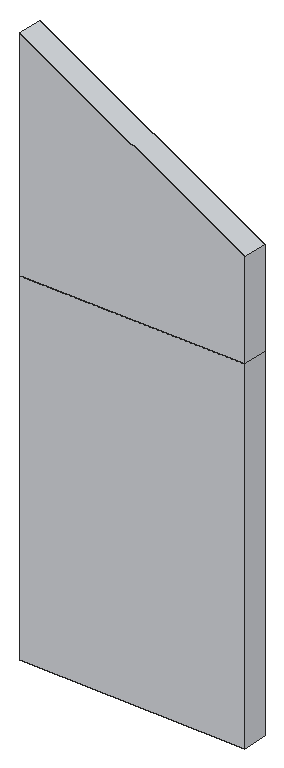
Revit family "EXP_WT-1C_CPan-015", category Curtain Panels, Revit 2021
Family settings
  OmniClass Number = 23.25.20.14.11.11.17
  OmniClass Title = Infill Panels
  Always vertical = Yes
  Cut with Voids When Loaded = No
  Shared = No
Parameters
  UI-UnitNumber [instance] = "001"
  UI-Quadrant [instance] = "SE"
  UI-ProjectAbbreviation = "NEU"
  UI-ItemCategory = "PID"
  UI-FloorNumber [instance] = "03"
  PNT-WallType = "WT1C"
  PNT-ProjectAbbreviation = "NEU"
  PNT-PanelType [instance] = "01"
  PNT-ItemCategory = "PNL"
  HModSX [instance] = 3' - 3"
  HModDX [instance] = 7' - 5"
  GlassH2 [instance] = none
  GlassH1 [instance] = none
  DistanceAxis = 1' - 6"
  Define Thermal Properties by = Schematic Type
  CellSxH1 [instance] = HModSX  # 3' - 3"
  CellSxH [instance] = CellSxH1 + CellH2  # 15' - 0"
  CellSp = 0' - 10 3/16"
  CellL [instance] = 7' - 8"
  CellH2 [instance] = 11' - 9"
  CellH [instance] = 11' - 9"
  CellDxH1 [instance] = HModDX  # 7' - 5"
  CellDxH [instance] = CellDxH1 + CellH2  # 19' - 2"
  CellAngle [instance] = 45.00°
  AncleTrapezoid [instance] = 118.523°
  Analytic Construction = "<None>"
Reference planes (in)
  plane 1 "Center (Front/Back)": y = 0
  plane 2: z = 0
  plane 3 "Center (Left/Right)": x = 0
  plane 4 "Left": x = -46
  plane 5 "Right": x = 46
  plane 6 "Top": z = 141
  plane 7: y = -10.1875
  plane 8: z = 180
  plane 9: z = 230
Forms (in)
  Extrusion 1, solid, material <- "GlassH2"
    sketch origin (0, 0, 0) x (1, 0, 0) y (0, 0, 1)
      loop
        line (46, 141) -> (-46, 141) -> (-46, 0) -> (46, 0) -> (46, 141)
    from 0 to 10.1875
  Extrusion 2, solid, material <- "GlassH1"
    sketch origin (0, 0, 0) x (1, 0, 0) y (0, 0, 1)
      loop
        line (46, 180) -> (-46, 230) -> (-46, 141) -> (46, 141) -> (46, 180)
    from 0 to 10.1875
Lines and regions (in)
  reference lines
    curve 1: line (46, 0, 180) -> (-46, 0, 230)
Text (in)
  text "Exterior" at (-92.59733, 55.75508, 0), in view "Ref. Level"
  text "Exterior" at (0, 90.18664, 173.49264), in view "Left"
  text "Exterior" at (0, 52.29083, 162.21847), in view "Right"
Dimensions and locks (in)
  equal spacing: plane 4 "Left", plane 3 "Center (Left/Right)", plane 5 "Right"  (x2)
  "CellL": plane 4 "Left" to plane 5 "Right"
  "CellSp": plane 7 to plane 1 "Center (Front/Back)"
  "CellH": plane 2 to plane 6 "Top"
  "CellH2": plane 2 to plane 6 "Top"
  "HModSX": plane 6 "Top" to plane 8
  "HModDX": plane 6 "Top" to plane 9
  "AncleTrapezoid": angle plane 5 "Right" to curve 1
  aligned and locked: level to plane 2
  aligned and locked: plane 5 "Right" to Extrusion 1 sketch curve
  aligned and locked: plane 2 to Extrusion 1 sketch curve
  aligned and locked: plane 4 "Left" to Extrusion 1 sketch curve
  aligned and locked: plane 6 "Top" to Extrusion 1 sketch curve
  aligned and locked: Extrusion 1 to plane 7
  aligned and locked: plane 5 "Right" to Extrusion 2 sketch curve
  aligned and locked: plane 6 "Top" to Extrusion 2 sketch curve
  aligned and locked: Extrusion 2 sketch curve to plane 4 "Left"
  aligned and locked: Extrusion 2 to plane 7
Automatic sketch dimensions
  Extrusion 2 sketch curve to plane 8 = 0' - 0"
  Extrusion 2 sketch curve to plane 9 = 0' - 0"
  curve 1 to plane 4 "Left" = 0' - 0"
  curve 1 to plane 8 = 0' - 0"
